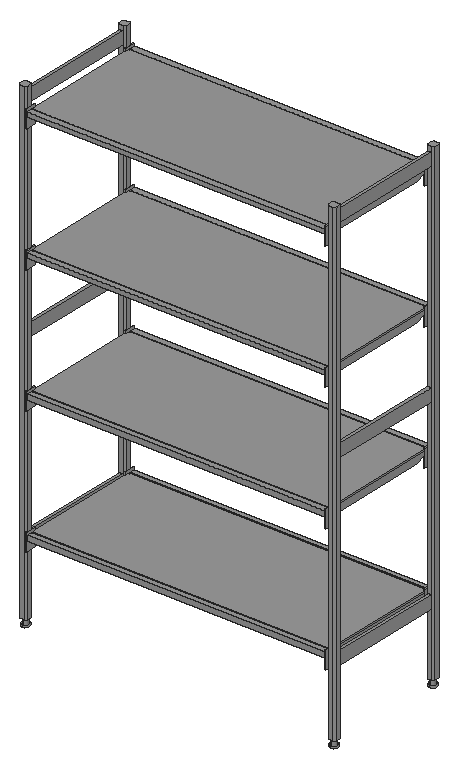
Revit family "QF_ZANUSSI_137034_BLS1126", category Attrezzature speciali, Revit 2020
Family settings
  Quota connettore circolare = Usa diametro
  Tipo di parte = Normale
  Basato su piano di lavoro = No
  Sempre verticale = Sì
  Taglio con vuoti quando caricato = No
  Condiviso = No
  Punto di calcolo locali = No
Parameters (values of type "Standard")
  Weight = 22.00 kg
  Watts = 0 W
  Volts = 0 V
  URL Manufacturer = "http://www.zanussiprofessional.com"
  URL = "http://www.zanussiprofessional.com"
  Steam Supply Size = 0 mm
  Steam Supply Minimum Pressure = 0.0 Pa
  Steam Supply Maximum Pressure = 0.0 Pa
  Steam Consumption per Hour = 0
  Refrigeration Suction Line Size = 0.0 mm
  Refrigeration Liquid Line Size = 0.0 mm
  Refrigerant Compressor Remote = yes
  Prospetto di default = 0.0 mm
  Phase = 0
  Modello = "BLS1126"
  Produttore = "Zanussi"
  Length Actual = 1126.0 mm  # constant formula
  Item Number = "137034"
  Hot Water Size = 0 mm
  Height Actual = 1700.0 mm  # constant formula
  HP = "0 HP"
  Gas Size = 0 mm
  Gas KW = 0
  Gas Input Pressure = 0 W
  Direct Waste Size = 0 mm
  Descrizione = "ALUM.LINEAR SHELV.-POLY.TIERS-475X1126MM"
  Depth Actual = 475.0 mm  # constant formula
  Cycle = 0 Hz
  Condensate Return Size = 0 mm
  Compressed Air Volume = 0.0 L/s
  Compressed Air Size = 0 mm
  Compressed Air Pressure = 0.0 Pa
  Cold Water Size = 0 mm
  Accessory = yes
Reference planes
  plane 1: z = 0
  plane 2 "Center (Left/Right)": x = -31
  plane 3 "LEFT": x = -594
  plane 4 "RIGHT": x = 532
  plane 5 "BACK": y = 23
  plane 6 "FRONT": y = -452
  plane 7 "TOP": z = 1700
  plane 8: x = 527
  plane 9: x = -562
  plane 10: x = 500
  plane 11 "Center (Front/Back)": y = -214.5
  plane 12: x = 495
  plane 13: y = -8.5
  plane 14: y = -420.5
  plane 15 "FEET": z = 25
  plane 16: z = 275
  plane 17: z = 725
  plane 18: z = 1175
  plane 19: z = 1625
  plane 20 "CXLeft": x = -580
  plane 21 "CXRight": x = 518
  plane 22: y = 5.5
  plane 23 "CYBack": y = 5.5
  plane 24 "CYFront": y = -434.5
Forms (mm)
  Extrusion 1, solid, material "QF_Aluminum"
    sketch origin (-594, 0, 0) x (0, 1, 0) y (0, 0, 1)
      loop
        line (4, 1650.994) -> (4, 1632.998) -> (23, 1632.998) -> (23, 1650.994) -> (4, 1650.994)
      loop
        line (-433, 1650.994) -> (-452, 1650.994) -> (-452, 1632.998) -> (-433, 1632.998) -> (-433, 1650.994)
      loop
        line (4, 1200.994) -> (4, 1182.998) -> (23, 1182.998) -> (23, 1200.994) -> (4, 1200.994)
      loop
        line (-433, 1200.994) -> (-452, 1200.994) -> (-452, 1182.998) -> (-433, 1182.998) -> (-433, 1200.994)
      loop
        line (4, 750.994) -> (4, 732.998) -> (23, 732.998) -> (23, 750.994) -> (4, 750.994)
      loop
        line (-433, 750.994) -> (-452, 750.994) -> (-452, 732.998) -> (-433, 732.998) -> (-433, 750.994)
      loop
        line (4, 300.994) -> (4, 282.998) -> (23, 282.998) -> (23, 300.994) -> (4, 300.994)
      loop
        line (-433, 300.994) -> (-452, 300.994) -> (-452, 282.998) -> (-433, 282.998) -> (-433, 300.994)
    from 32 to 1094
  Extrusion 2, solid, material "QF_Polyethylene"
    sketch origin (-594, 0, 0) x (0, 1, 0) y (0, 0, 1)
      loop
        line (2.007, 1650.994) -> (-431, 1650.994) -> (-431, 1644.496) -> (2.007, 1644.496) -> (2.007, 1650.994)
      loop
        line (2.007, 1200.994) -> (-431, 1200.994) -> (-431, 1194.496) -> (2.007, 1194.496) -> (2.007, 1200.994)
      loop
        line (2.007, 750.994) -> (-431, 750.994) -> (-431, 744.496) -> (2.007, 744.496) -> (2.007, 750.994)
      loop
        line (2.007, 300.994) -> (-431, 300.994) -> (-431, 294.496) -> (2.007, 294.496) -> (2.007, 300.994)
    from 32 to 1094
  Extrusion 3, solid, material "QF_Aluminum"
    sketch origin (532, 0, 0) x (0, 1, 0) y (0, 0, 1)
      loop
        line (-12, 1632.998) -> (4, 1632.998) -> (4, 1650.994) -> (2.007, 1650.994) -> (2.007, 1644.496) -> (-431, 1644.496) -> (-431, 1650.994) -> (-433, 1650.994) -> (-433, 1632.998) -> (-417, 1632.998) -> (-383, 1620.994) -> (-46, 1620.994) -> (-12, 1632.998)
      loop
        line (-12, 1182.998) -> (4, 1182.998) -> (4, 1200.994) -> (2.007, 1200.994) -> (2.007, 1194.496) -> (-431, 1194.496) -> (-431, 1200.994) -> (-433, 1200.994) -> (-433, 1182.998) -> (-417, 1182.998) -> (-383, 1170.994) -> (-46, 1170.994) -> (-12, 1182.998)
      loop
        line (-12, 732.998) -> (4, 732.998) -> (4, 750.994) -> (2.007, 750.994) -> (2.007, 744.496) -> (-431, 744.496) -> (-431, 750.994) -> (-433, 750.994) -> (-433, 732.998) -> (-417, 732.998) -> (-383, 720.994) -> (-46, 720.994) -> (-12, 732.998)
      loop
        line (-12, 282.998) -> (4, 282.998) -> (4, 300.994) -> (2.007, 300.994) -> (2.007, 294.496) -> (-431, 294.496) -> (-431, 300.994) -> (-433, 300.994) -> (-433, 282.998) -> (-417, 282.998) -> (-383, 270.994) -> (-46, 270.994) -> (-12, 282.998)
    from -32 to -37
Lines and regions (mm)
  symbolic lines
    curve 1: line (500, 4, 1700) -> (-562, 4, 1700)
    curve 2: line (-566, 23, 1700) -> (504, 23, 1700)
    curve 3: line (504, 13.246, 1700) -> (510.254, 19.5, 1700)
    curve 4: line (510.254, -8.5, 1700) -> (504, -2.246, 1700)
    curve 5: line (510.254, -420.5, 1700) -> (504, -426.754, 1700)
    curve 6: line (-566, -452, 1700) -> (504, -452, 1700)
    curve 7: line (504, 23, 1700) -> (504, -12.993, 1700)
    curve 8: line (504, -12.993, 1700) -> (500, -12.993, 1700)
    curve 9: line (504, -452, 1700) -> (504, -416.007, 1700)
    curve 10: line (504, -416.007, 1700) -> (500, -416.007, 1700)
    curve 11: line (-562, -12.993, 1700) -> (-562, -416.007, 1700)
    curve 12: line (-562, -433, 1700) -> (500, -433, 1700)
    curve 13: line (500, -12.993, 1700) -> (500, -416.007, 1700)
Dimensions and locks
  locked: plane 3 "LEFT" to plane 4 "RIGHT" at 1126
  equal spacing: plane 3 "LEFT", plane 2 "Center (Left/Right)", plane 4 "RIGHT"
  locked: plane 7 "TOP" to level at 1700
  locked: plane 5 "BACK" to plane 6 "FRONT" at 475
  locked: plane 4 "RIGHT" to plane 8 at 5
  locked: plane 9 to plane 10 at 1062
  locked: plane 3 "LEFT" to plane 9 at 32
  plane 12 to plane 10 = 5.0 mm
  locked: plane 13 to plane 14 at 412
  equal spacing: plane 13, plane 11 "Center (Front/Back)", plane 14
  equal spacing: plane 5 "BACK", plane 11 "Center (Front/Back)", plane 6 "FRONT"
  plane 15 "FEET" to level = 25.0 mm
  plane 7 "TOP" to plane 15 "FEET" = 1675.0 mm
  plane 16 to plane 15 "FEET" = 250.0 mm
  plane 17 to plane 16 = 450.0 mm
  plane 18 to plane 17 = 450.0 mm
  plane 19 to plane 18 = 450.0 mm
  locked: plane 3 "LEFT" to plane 20 "CXLeft" at 14
  locked: plane 21 "CXRight" to plane 4 "RIGHT" at 14
  locked: plane 5 "BACK" to plane 23 "CYBack" at 17.5
  locked: plane 24 "CYFront" to plane 6 "FRONT" at 17.5
  aligned and locked: level to plane 1
  aligned and locked: plane 9 to Extrusion 2
  aligned and locked: Extrusion 2 to plane 10
  aligned and locked: plane 9 to Extrusion 1
  aligned and locked: Extrusion 1 to plane 10
  aligned and locked: Extrusion 1 sketch curve to Extrusion 1 sketch curve  (x2)
  aligned and locked: Extrusion 3 sketch curve to Extrusion 3 sketch curve  (x3)
  aligned and locked: Extrusion 3 to plane 12
  aligned and locked: Extrusion 3 to plane 10
  aligned and locked: nested 1 to plane 20 "CXLeft"
  aligned and locked: nested 2 to plane 21 "CXRight"
Automatic sketch dimensions
  Extrusion 1 sketch curve to plane 6 "FRONT" = 0.0 mm  (x4)
  Extrusion 1 sketch curve to plane 5 "BACK" = 0.0 mm  (x4)
  plane 24 "CYFront" to Extrusion 1 sketch curve = 1.5 mm  (x2)
  plane 22 to Extrusion 1 sketch curve = 1.5 mm  (x4)
  plane 16 to Extrusion 1 sketch curve = 7.998 mm  (x2)
  Extrusion 1 sketch curve to Extrusion 1 sketch curve = 17.997 mm  (x8)
  plane 17 to Extrusion 1 sketch curve = 7.998 mm  (x2)
  plane 18 to Extrusion 1 sketch curve = 7.998 mm  (x2)
  plane 19 to Extrusion 1 sketch curve = 7.998 mm  (x2)
  plane 24 "CYFront" to Extrusion 2 sketch curve = 3.5 mm  (x4)
  plane 22 to Extrusion 2 sketch curve = 3.493 mm  (x4)
  plane 16 to Extrusion 2 sketch curve = 19.496 mm
  Extrusion 2 sketch curve to Extrusion 2 sketch curve = 6.499 mm  (x4)
  plane 17 to Extrusion 2 sketch curve = 19.496 mm
  plane 18 to Extrusion 2 sketch curve = 19.496 mm
  plane 19 to Extrusion 2 sketch curve = 19.496 mm
  plane 24 "CYFront" to Extrusion 3 sketch curve = 1.5 mm  (x4)
  Extrusion 3 sketch curve to Extrusion 3 sketch curve = 2.0 mm
  plane 14 to Extrusion 3 sketch curve = 3.5 mm  (x4)
  Extrusion 3 sketch curve to plane 16 = 4.006 mm
  Extrusion 3 sketch curve to Extrusion 3 sketch curve = 34.0 mm  (x4)
  Extrusion 3 sketch curve to plane 17 = 4.006 mm
  Extrusion 3 sketch curve to plane 18 = 4.006 mm
  Extrusion 3 sketch curve to plane 19 = 4.006 mm
  Extrusion 3 sketch curve to plane 13 = 37.5 mm  (x4)
  Extrusion 3 sketch curve to plane 13 = 3.5 mm  (x4)
  plane 22 to Extrusion 3 sketch curve = 3.493 mm  (x4)
  plane 22 to Extrusion 3 sketch curve = 1.5 mm  (x4)
  plane 16 to Extrusion 3 sketch curve = 7.998 mm  (x2)
  Extrusion 3 sketch curve to Extrusion 3 sketch curve = 11.498 mm  (x4)
  Extrusion 3 sketch curve to Extrusion 3 sketch curve = 6.499 mm  (x8)
  plane 17 to Extrusion 3 sketch curve = 7.998 mm  (x2)
  plane 18 to Extrusion 3 sketch curve = 7.998 mm  (x2)
  plane 19 to Extrusion 3 sketch curve = 7.998 mm  (x2)
  curve 6 to plane 6 "FRONT" = 0.0 mm
  curve 12 to plane 9 = 0.0 mm
  curve 12 to plane 10 = 0.0 mm
  curve 5 to plane 14 = 0.0 mm
  curve 11 to plane 9 = 0.0 mm
  curve 8 to plane 10 = 0.0 mm
  curve 4 to plane 13 = 0.0 mm
  curve 1 to plane 9 = 0.0 mm
  curve 1 to plane 10 = 0.0 mm
  curve 2 to plane 5 "BACK" = 0.0 mm
  plane 14 to curve 10 = 4.493 mm
  curve 7 to plane 13 = 4.493 mm
  curve 10 to plane 10 = 4.0 mm
  curve 7 to plane 10 = 4.0 mm
  plane 24 "CYFront" to curve 12 = 1.5 mm
  curve 5 to plane 14 = 6.254 mm
  plane 14 to curve 11 = 4.493 mm
  curve 11 to plane 13 = 4.493 mm
  plane 13 to curve 4 = 6.254 mm
  plane 22 to curve 1 = 1.5 mm
  curve 3 to plane 22 = 7.746 mm
  curve 3 to plane 5 "BACK" = 3.5 mm
  curve 5 to curve 9 = 6.254 mm
  curve 3 to curve 2 = 6.254 mm
  curve 4 to curve 7 = 6.254 mm
  plane 9 to curve 2 = 4.0 mm
  plane 9 to curve 6 = 4.0 mm
Nested families
  nested 1: "WT_Anta475" at (-177, 0, 0), type "WT_Anta475"
  nested 2: "WT_Anta475" at (115, 0, 0) x (-1, 0, 0) z (0, 0, 1), type "WT_Anta475"
Definition of nested family "WT_Anta475"
  Parameters
    WidthLeft = A + 64.0 mm  # 772.0 mm
    Width = 1606.0 mm
    Right = WidthLeft / 2  # 386.0 mm
    Default Elevation = 0.0 mm
    Left = -WidthLeft / 2  # -386.0 mm
    Height = 1725.0 mm
    FEET = 25.0 mm
    E = 0.0 mm
    Dint = Depth - 63.0 mm  # 412.0 mm
    Dext = Depth - 8.0 mm  # 467.0 mm
    Depth = 475.0 mm
    DX = (WidthLeft - A) / 2  # 32.0 mm
    B = 798.0 mm
    A = 708.0 mm
  Reference planes
    plane 1: z = 0
    plane 2 "LEFT": x = -417
    plane 3 "BACK": y = 23
    plane 4 "FRONT": y = -452
    plane 5 "TOP": z = 1725
    plane 6 "Center (Front/Back)": y = -214.5
    plane 7: y = -8.5
    plane 8: y = -420.5
    plane 9 "FEET": z = 25
    plane 10: z = 275
    plane 11: z = 725
    plane 12: z = 1175
    plane 13: z = 1625
    plane 14 "CXLeft": x = -403
    plane 15: y = 5.5
    plane 16 "CYBack": y = 5.5
    plane 17 "CYFront": y = -434.5
    plane 18: x = -385.031
    plane 19: x = -380.031
  Forms (mm)
    Extrusion 1, solid
      sketch origin (0, 0, 0) x (1, 0, 0) y (0, 1, 0)
        loop
          line (-417, 13.246) -> (-417, -2.246) -> (-410.746, -8.5) -> (-395.254, -8.5) -> (-389, -2.246) -> (-389, 13.246) -> (-395.254, 19.5) -> (-410.746, 19.5) -> (-417, 13.246)
      from 1725 to 25
    Extrusion 2, solid
      sketch origin (-417, 0, 0) x (0, 1, 0) y (0, 0, 1)
        loop
          line (23, 246.005) -> (23, 307.993) -> (-12.993, 307.993) -> (-12.993, 246.005) -> (23, 246.005)
        loop
          line (-452, 246.005) -> (-416.007, 246.005) -> (-416.007, 307.993) -> (-452, 307.993) -> (-452, 246.005)
        loop
          line (23, 696.005) -> (23, 757.993) -> (-12.993, 757.993) -> (-12.993, 696.005) -> (23, 696.005)
        loop
          line (-452, 696.005) -> (-416.007, 696.005) -> (-416.007, 757.993) -> (-452, 757.993) -> (-452, 696.005)
        loop
          line (23, 1146.005) -> (23, 1207.993) -> (-12.993, 1207.993) -> (-12.993, 1146.005) -> (23, 1146.005)
        loop
          line (-452, 1146.005) -> (-416.007, 1146.005) -> (-416.007, 1207.993) -> (-452, 1207.993) -> (-452, 1146.005)
        loop
          line (23, 1596.005) -> (23, 1657.993) -> (-12.993, 1657.993) -> (-12.993, 1596.005) -> (23, 1596.005)
        loop
          line (-452, 1596.005) -> (-416.007, 1596.005) -> (-416.007, 1657.993) -> (-452, 1657.993) -> (-452, 1596.005)
      from 28 to 32
    Revolve 3, solid
      sketch origin (-403, 0, 0) x (0, 1, 0) y (0, 0, 1)
        loop
          line (5.5, 25) -> (5.5, 0) -> (19, 0) -> (19, 5) -> (14, 5) -> (14, 25) -> (5.5, 25)
        axis (5.5, 25) -> (5.5, 0)
      angle from 0 to 360
    Extrusion 4, solid
      sketch origin (-403, 0, 0) x (0, 1, 0) y (0, 0, 1)
        loop
          line (-8.5, 912.382) -> (-8.5, 957.374) -> (-420.5, 957.374) -> (-420.5, 912.382) -> (-8.5, 912.382)
        loop
          line (-8.5, 1662.244) -> (-8.5, 1707.236) -> (-420.5, 1707.236) -> (-420.5, 1662.244) -> (-8.5, 1662.244)
      from -5 to 5
    Revolve 5, solid
      sketch origin (-403, -627, 0) x (0, -1, 0) y (0, 0, 1)
        loop
          line (-192.5, 25) -> (-192.5, 0) -> (-179, 0) -> (-179, 5) -> (-184, 5) -> (-184, 25) -> (-192.5, 25)
        axis (-192.5, 25) -> (-192.5, 0)
      angle from 0 to 360
    Extrusion 6, solid
      sketch origin (0, -627, 0) x (1, 0, 0) y (0, 1, 0)
        loop
          line (-417, 184.754) -> (-410.746, 178.5) -> (-395.254, 178.5) -> (-389, 184.754) -> (-389, 200.246) -> (-395.254, 206.5) -> (-410.746, 206.5) -> (-417, 200.246) -> (-417, 184.754)
      from 1725 to 25
    Extrusion 7, solid
      sketch origin (-417.031, -0.022, 0) x (0, 1, 0) y (0, 0, -1)
        loop
          line (-12, -1632.998) -> (-46, -1620.994) -> (-383, -1620.994) -> (-417, -1632.998) -> (-433, -1632.998) -> (-433, -1650.994) -> (-431, -1650.994) -> (-431, -1644.496) -> (2.007, -1644.496) -> (2.007, -1650.994) -> (4, -1650.994) -> (4, -1632.998) -> (-12, -1632.998)
        loop
          line (-12, -1182.998) -> (-46, -1170.994) -> (-383, -1170.994) -> (-417, -1182.998) -> (-433, -1182.998) -> (-433, -1200.994) -> (-431, -1200.994) -> (-431, -1194.496) -> (2.007, -1194.496) -> (2.007, -1200.994) -> (4, -1200.994) -> (4, -1182.998) -> (-12, -1182.998)
        loop
          line (-12, -732.998) -> (-46, -720.994) -> (-383, -720.994) -> (-417, -732.998) -> (-433, -732.998) -> (-433, -750.994) -> (-431, -750.994) -> (-431, -744.496) -> (2.007, -744.496) -> (2.007, -750.994) -> (4, -750.994) -> (4, -732.998) -> (-12, -732.998)
        loop
          line (-12, -282.998) -> (-46, -270.994) -> (-383, -270.994) -> (-417, -282.998) -> (-433, -282.998) -> (-433, -300.994) -> (-431, -300.994) -> (-431, -294.496) -> (2.007, -294.496) -> (2.007, -300.994) -> (4, -300.994) -> (4, -282.998) -> (-12, -282.998)
      from -32 to -37
    Extrusion 8, solid
      sketch origin (-403, 0, -659.878) x (0, 1, 0) y (0, 0, 1)
        loop
          line (-8.5, 912.382) -> (-8.5, 957.374) -> (-420.5, 957.374) -> (-420.5, 912.382) -> (-8.5, 912.382)
        loop
          line (-8.5, 1572.382) -> (-8.5, 1617.374) -> (-420.5, 1617.374) -> (-420.5, 1572.382) -> (-8.5, 1572.382)
        loop
          line (-8.5, 2322.382) -> (-8.5, 2367.374) -> (-420.5, 2367.374) -> (-420.5, 2322.382) -> (-8.5, 2322.382)
      from -5 to 5
  Lines and regions (mm)
    symbolic lines
      curve 1: line (-408, -8.5, 1725) -> (-408, -420.5, 1725)
      curve 2: line (-398, -420.5, 1725) -> (-398, -8.5, 1725)
      curve 3: line (-395.254, -8.5, 1725) -> (-410.746, -8.5, 1725)
      curve 4: line (-417, -2.246, 1725) -> (-410.746, -8.5, 1725)
      curve 5: line (-417, 13.246, 1725) -> (-417, -2.246, 1725)
      curve 6: line (-410.746, 19.5, 1725) -> (-417, 13.246, 1725)
      curve 7: line (-395.254, 19.5, 1725) -> (-410.746, 19.5, 1725)
      curve 8: line (-389, 13.246, 1725) -> (-395.254, 19.5, 1725)
      curve 9: line (-395.254, -8.5, 1725) -> (-389, -2.246, 1725)
      curve 10: line (-395.254, -420.5, 1725) -> (-410.746, -420.5, 1725)
      curve 11: line (-417, -426.754, 1725) -> (-410.746, -420.5, 1725)
      curve 12: line (-410.746, -448.5, 1725) -> (-417, -442.246, 1725)
      curve 13: line (-395.254, -448.5, 1725) -> (-410.746, -448.5, 1725)
      curve 14: line (-389, -442.246, 1725) -> (-395.254, -448.5, 1725)
      curve 15: line (-395.254, -420.5, 1725) -> (-389, -426.754, 1725)
      curve 16: line (-389, -452, 1725) -> (-389, -416.007, 1725)
      curve 17: line (-389, -416.007, 1725) -> (-385, -416.007, 1725)
      curve 18: line (-389, 23, 1725) -> (-389, -12.993, 1725)
      curve 19: line (-389, -12.993, 1725) -> (-385, -12.993, 1725)
      curve 20: line (-417, -426.754, 1725) -> (-417, -442.246, 1725)
      curve 21: line (-385, -452, 1725) -> (-385, -416.007, 1725)
      curve 22: line (-385, -452, 1725) -> (-389, -452, 1725)
      curve 23: line (-385, 23, 1725) -> (-389, 23, 1725)
      curve 24: line (-385, -12.993, 1725) -> (-385, 23, 1725)
      curve 25: line (-385.031, -13.016, 1725) -> (-385.031, -416.029, 1725)
  Dimensions and locks
    "Height": plane 5 "TOP" to level
    "Depth": plane 3 "BACK" to plane 4 "FRONT"
    "Dint": plane 7 to plane 8
    equal spacing: plane 7, plane 6 "Center (Front/Back)", plane 8
    equal spacing: plane 3 "BACK", plane 6 "Center (Front/Back)", plane 4 "FRONT"
    plane 9 "FEET" to level = 25.0 mm
    plane 5 "TOP" to plane 9 "FEET" = 1700.0 mm
    plane 10 to plane 9 "FEET" = 250.0 mm
    plane 11 to plane 10 = 450.0 mm
    plane 12 to plane 11 = 450.0 mm
    plane 13 to plane 12 = 450.0 mm
    locked: plane 2 "LEFT" to plane 14 "CXLeft" at 14
    locked: plane 3 "BACK" to plane 16 "CYBack" at 17.5
    locked: plane 17 "CYFront" to plane 4 "FRONT" at 17.5
    locked: Revolve 3 sketch curve to Revolve 3 sketch curve at 8.5
    locked: Revolve 3 sketch curve to plane 16 "CYBack" at 13.5
    locked: Revolve 5 sketch curve to Revolve 5 sketch curve at 8.5
    aligned and locked: level to plane 1
    aligned and locked: curve 20 to Extrusion 6
    aligned and locked: plane 5 "TOP" to Extrusion 1
    aligned and locked: plane 5 "TOP" to Extrusion 6
    aligned and locked: Extrusion 7 sketch curve to Extrusion 7 sketch curve  (x3)
  Automatic sketch dimensions
    curve 16 to plane 4 "FRONT" = 0.0 mm
    curve 11 to plane 8 = 0.0 mm
    curve 9 to plane 7 = 0.0 mm
    curve 5 to plane 2 "LEFT" = 0.0 mm
    curve 23 to plane 3 "BACK" = 0.0 mm
    plane 4 "FRONT" to curve 13 = 3.5 mm
    curve 20 to plane 17 "CYFront" = 7.746 mm
    curve 20 to plane 8 = 6.254 mm
    plane 8 to curve 16 = 4.493 mm
    curve 24 to plane 18 = 0.031 mm
    curve 24 to plane 7 = 4.493 mm
    plane 7 to curve 5 = 6.254 mm
    curve 5 to plane 15 = 7.746 mm
    curve 6 to plane 3 "BACK" = 3.5 mm
    curve 21 to plane 18 = 0.031 mm
    plane 18 to curve 23 = 3.969 mm
    plane 18 to curve 16 = 3.969 mm
    curve 18 to curve 8 = 6.254 mm
    curve 18 to curve 3 = 6.254 mm
    curve 16 to curve 13 = 6.254 mm
    curve 16 to curve 15 = 6.254 mm
    plane 2 "LEFT" to curve 10 = 6.254 mm
    plane 2 "LEFT" to curve 7 = 6.254 mm
    plane 2 "LEFT" to curve 12 = 6.254 mm
    plane 2 "LEFT" to curve 3 = 6.254 mm
    curve 14 to plane 17 "CYFront" = 7.746 mm
    curve 15 to plane 8 = 6.254 mm
    plane 7 to curve 9 = 6.254 mm
    curve 8 to plane 15 = 7.746 mm
    curve 3 to curve 2 = 2.746 mm
    curve 1 to curve 10 = 2.746 mm
    Extrusion 1 sketch curve to plane 2 "LEFT" = 0.0 mm
    Extrusion 1 sketch curve to plane 7 = 0.0 mm
    plane 2 "LEFT" to Extrusion 1 sketch curve = 6.254 mm  (x2)
    plane 14 "CXLeft" to Extrusion 1 sketch curve = 7.746 mm  (x2)
    Extrusion 1 sketch curve to plane 3 "BACK" = 3.5 mm
    plane 18 to Extrusion 1 sketch curve = 3.969 mm
    plane 7 to Extrusion 1 sketch curve = 6.254 mm  (x2)
    Extrusion 1 sketch curve to plane 15 = 7.746 mm  (x2)
    Extrusion 2 sketch curve to plane 4 "FRONT" = 0.0 mm  (x4)
    Extrusion 2 sketch curve to plane 3 "BACK" = 0.0 mm  (x4)
    plane 8 to Extrusion 2 sketch curve = 4.493 mm  (x4)
    Extrusion 2 sketch curve to plane 7 = 4.493 mm  (x4)
    Extrusion 2 sketch curve to plane 10 = 28.995 mm  (x2)
    plane 10 to Extrusion 2 sketch curve = 32.993 mm  (x2)
    Extrusion 2 sketch curve to plane 11 = 28.995 mm  (x2)
    plane 11 to Extrusion 2 sketch curve = 32.993 mm  (x2)
    Extrusion 2 sketch curve to plane 12 = 28.995 mm  (x2)
    plane 12 to Extrusion 2 sketch curve = 32.993 mm  (x2)
    Extrusion 2 sketch curve to plane 13 = 28.995 mm  (x2)
    plane 13 to Extrusion 2 sketch curve = 32.993 mm  (x2)
    Revolve 3 sketch curve to plane 9 "FEET" = 0.0 mm  (x2)
    Revolve 3 sketch curve to plane 15 = 0.0 mm  (x2)
    Revolve 3 sketch curve to level = 0.0 mm
    level to Revolve 3 sketch curve = 5.0 mm
    Revolve 3 sketch curve to Revolve 3 sketch curve = 11.655 mm
    Extrusion 4 sketch curve to plane 8 = 0.0 mm  (x2)
    Extrusion 4 sketch curve to plane 7 = 0.0 mm  (x2)
    plane 11 to Extrusion 4 sketch curve = 187.382 mm
    Extrusion 4 sketch curve to Extrusion 4 sketch curve = 44.992 mm
    plane 13 to Extrusion 4 sketch curve = 37.244 mm
    Extrusion 4 sketch curve to plane 5 "TOP" = 17.764 mm
    Revolve 5 sketch curve to plane 9 "FEET" = 0.0 mm  (x2)
    Revolve 5 sketch curve to plane 17 "CYFront" = 0.0 mm  (x2)
    Revolve 5 sketch curve to level = 0.0 mm
    Revolve 5 sketch curve to plane 4 "FRONT" = 4.0 mm
    Revolve 5 sketch curve to Revolve 5 sketch curve = 5.0 mm
    level to Revolve 5 sketch curve = 11.655 mm
    Extrusion 6 sketch curve to plane 2 "LEFT" = 0.0 mm
    Extrusion 6 sketch curve to plane 8 = 0.0 mm
    Extrusion 6 sketch curve to plane 2 "LEFT" = 6.254 mm  (x2)
    Extrusion 6 sketch curve to plane 14 "CXLeft" = 7.746 mm  (x2)
    Extrusion 6 sketch curve to plane 4 "FRONT" = 3.5 mm
    Extrusion 6 sketch curve to plane 18 = 3.969 mm
    plane 8 to Extrusion 6 sketch curve = 6.254 mm  (x2)
    plane 17 "CYFront" to Extrusion 6 sketch curve = 7.746 mm  (x2)
    plane 17 "CYFront" to Extrusion 7 sketch curve = 1.478 mm  (x4)
    Extrusion 7 sketch curve to Extrusion 7 sketch curve = 2.0 mm
    plane 8 to Extrusion 7 sketch curve = 3.478 mm  (x4)
    Extrusion 7 sketch curve to plane 10 = 4.006 mm
    Extrusion 7 sketch curve to Extrusion 7 sketch curve = 34.0 mm  (x4)
    Extrusion 7 sketch curve to plane 11 = 4.006 mm
    Extrusion 7 sketch curve to plane 12 = 4.006 mm
    Extrusion 7 sketch curve to plane 13 = 4.006 mm
    Extrusion 7 sketch curve to plane 7 = 37.522 mm  (x4)
    Extrusion 7 sketch curve to plane 7 = 3.522 mm  (x4)
    plane 15 to Extrusion 7 sketch curve = 3.516 mm  (x4)
    plane 15 to Extrusion 7 sketch curve = 1.522 mm  (x4)
    plane 13 to Extrusion 7 sketch curve = 7.998 mm  (x2)
    Extrusion 7 sketch curve to Extrusion 7 sketch curve = 11.498 mm
    Extrusion 7 sketch curve to Extrusion 7 sketch curve = 6.499 mm  (x5)
    plane 12 to Extrusion 7 sketch curve = 25.994 mm  (x2)
    plane 12 to Extrusion 7 sketch curve = 7.998 mm  (x2)
    plane 11 to Extrusion 7 sketch curve = 25.994 mm  (x2)
    plane 11 to Extrusion 7 sketch curve = 7.998 mm  (x2)
    plane 10 to Extrusion 7 sketch curve = 25.994 mm  (x2)
    plane 10 to Extrusion 7 sketch curve = 7.998 mm  (x2)
    curve 25 to plane 18 = 0.0 mm
    plane 8 to curve 25 = 4.471 mm
    curve 25 to plane 7 = 4.516 mm
    Extrusion 8 sketch curve to plane 8 = 0.0 mm  (x3)
    Extrusion 8 sketch curve to plane 7 = 0.0 mm  (x3)
    Extrusion 8 sketch curve to plane 10 = 22.496 mm
    plane 10 to Extrusion 8 sketch curve = 22.496 mm
    plane 11 to Extrusion 8 sketch curve = 187.504 mm
    Extrusion 8 sketch curve to Extrusion 8 sketch curve = 44.992 mm
    plane 13 to Extrusion 8 sketch curve = 37.504 mm
    Extrusion 8 sketch curve to plane 5 "TOP" = 17.504 mm
